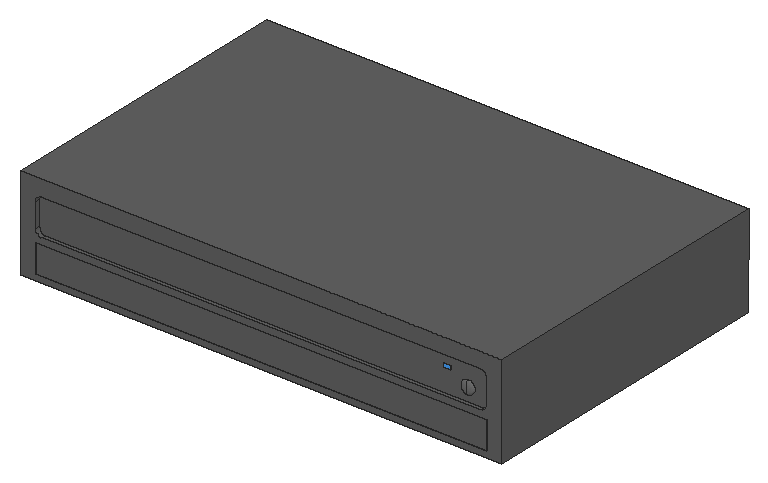
Revit family "Network IO Expander-Audio-Q-SYS-QIO-FLEX4A pu", category Communication Devices, host Face, Revit 2022
Family settings
  Host = Face
  Round Connector Dimension = Use Diameter
  Part Type = Normal
  OmniClass Number = 23.85.10.17.11
  OmniClass Title = Audio-Visual System Components
  Cut with Voids When Loaded = No
  Maintain Annotation Orientation = No
  Shared = No
  Room Calculation Point = No
Parameters (values of type "FLEX4A")
  Width = 219.1 mm
  Weight Product = 2.3
  Weight Dimensional = 2.3
  Weight = 2.30 lbm
  Voltage = 24 V
  URL = "https://www.qsys.com/"
  Type Comments = "FLEX4A"
  Product Page URL = "https://www.qsys.com/products/q-sys/control-io-controllers/qio-series/qio-flex4a/?L=0"
  Product Documentation Link = "https://www.qsys.com/resource-files/productresources/dn/qio_series/flex4a/q_dn_qio_flex4a_specsheet.pdf"
  Power Factor = 0.9
  Part Number = ""
  Number of Poles = 2
  Model = "FLEX4A"
  Minimum Circuit Amps = 3.7 A
  Manufacturer URL = "https://www.qsys.com/"
  Manufacturer = "Q-SYS"
  Load Classification = Other
  Length 6 = 2.0 mm
  Length 5 = 11.0 mm
  Length 4 = 0.5 mm
  Length 3 = 7.0 mm
  Length 2 = 11.0 mm
  Length 1 = 3.0 mm
  LED Material = Plastic - Q-SYS - LED Blue
  IQ Category = "Network IO Expander"  # constant formula
  Highlight Material = Plastic - Q-SYS - Black
  Height = 42.4 mm
  Grille Material = Paint - Q-SYS - Black Mesh 2
  Frame Depth = 2.0 mm
  Description = "Surface mounted audio and control IO expander for Q-SYS platform."
  Depth = 140.0 mm
  Default Elevation = 1219.2 mm
  Body Width = Width  # 219.1 mm
  Body Offset = 0.0 mm
  Body Material = Paint - Q-SYS - Black
  Apparent Load = Voltage * Minimum Circuit Amps / Power Factor  # 98.6667 VA
Reference planes
  plane 1 "Center (Front/Back)": y = 0
  plane 2: z = 0
  plane 3 "Center (Left/Right)": x = 0
  plane 4 "Back": y = 70
  plane 5 "Front": y = -70
  plane 6 "Left": x = -109.55
  plane 7 "Right": x = 109.55
  plane 8 "body left": x = -109.55
  plane 9 "body right": x = 109.55
  plane 10 "Bottom": z = 0
  plane 11 "Top": z = 42.4
  plane 12 "body bottom": z = 0
  plane 13: z = 35.4
  plane 14: z = 18.4
  plane 15: x = -102.55
  plane 16: x = 102.55
  plane 17: y = -68
  plane 18: x = 92.55
  plane 19: z = 24.4
  plane 20: y = -66
Forms (mm)
  Extrusion 1, solid, detail levels coarse
    sketch origin (0, 0, 0) x (1, 0, 0) y (0, 1, 0)
      loop
        line (-109.55, 70) -> (-109.55, -70) -> (109.55, -70) -> (109.55, 70) -> (-109.55, 70)
    from 0 to 42.4
  Extrusion 2, solid, material "Paint - Q-SYS - Black" <- "Body Material", detail levels medium+fine
    sketch origin (0, 0, 42.4) x (-1, 0, 0) y (0, -1, 0)
      loop
        line (109.55, -70) -> (109.55, 70) -> (-109.55, 70) -> (-109.55, -70) -> (109.55, -70)
    from -42.4 to 0
  Extrusion 3, void
    sketch origin (0, -70, 0) x (-1, 0, 0) y (0, 0, 1)
      loop
        line (99.55, 35.4) -> (-99.55, 35.4)
        arc (-99.55, 35.4) -> (-101.671, 34.521) -> (-102.55, 32.4) r 3
        line (-102.55, 32.4) -> (-102.55, 21.4)
        arc (-102.55, 21.4) -> (-101.671, 19.279) -> (-99.55, 18.4) r 3
        line (-99.55, 18.4) -> (99.55, 18.4)
        arc (99.55, 18.4) -> (101.671, 19.279) -> (102.55, 21.4) r 3
        line (102.55, 21.4) -> (102.55, 32.4)
        arc (102.55, 32.4) -> (101.671, 34.521) -> (99.55, 35.4) r 3
    from 0 to 2
  Extrusion 4, void
    sketch origin (0, -70, 0) x (-1, 0, 0) y (0, 0, 1)
      loop
        line (-102.55, 15.4) -> (-102.55, 3) -> (102.55, 3) -> (102.55, 15.4) -> (-102.55, 15.4)
    from 2 to 0
  Extrusion 5, solid, material "Paint - Q-SYS - Black Mesh 2" <- "Grille Material", detail levels medium+fine
    sketch origin (0, -70, 0) x (-1, 0, 0) y (0, 0, 1)
      loop
        line (-102.55, 15.4) -> (-102.55, 3) -> (102.55, 3) -> (102.55, 15.4) -> (-102.55, 15.4)
    from 2 to 0
  Revolve 6, solid, material "Plastic - Q-SYS - Black" <- "Highlight Material", detail levels fine
    sketch origin (92.55, -4572, 54.072) x (0, 0, 1) y (0, -1, 0)
      loop
        line (-29.672, -4504) -> (-26.63, -4504)
        spline (-26.63, -4504) -> (-26.656, -4503.869) -> (-26.733, -4503.741) -> (-26.861, -4503.617) -> (-27.037, -4503.5) -> (-27.258, -4503.391) -> (-27.521, -4503.293) -> (-27.82, -4503.207) -> (-28.151, -4503.134) -> (-28.507, -4503.076) -> (-28.884, -4503.034) -> (-29.275, -4503.009) -> (-29.672, -4503)
        line (-29.672, -4503) -> (-29.672, -4504)
      axis (-29.672, -4504) -> (-29.672, -4503)
    angle from 0 to 360
  Extrusion 7, solid, material "Plastic - Q-SYS - LED Blue" <- "LED Material", detail levels fine
    sketch origin (-210.176, -66, 1219.2) x (-1, 0, 0) y (0, 0, 1)
      loop
        line (-291.594, -1188.705) -> (-294.842, -1188.705) -> (-294.842, -1190.329) -> (-291.594, -1190.329) -> (-291.594, -1188.705)
    from 0 to -2.2
  Extrusion 8, solid, material "Paint - Q-SYS - Black" <- "Body Material", detail levels medium+fine
    sketch origin (0, 70, 0) x (-1, 0, 0) y (0, 0, 1)
      loop
        line (-102.55, 14) -> (-102.55, 7) -> (-91.55, 7) -> (-91.55, 14) -> (-102.55, 14)
      loop
        line (-80.05, 7) -> (-80.05, 14) -> (-91.05, 14) -> (-91.05, 7) -> (-80.05, 7)
      loop
        line (-79.55, 14) -> (-79.55, 7) -> (-68.55, 7) -> (-68.55, 14) -> (-79.55, 14)
      loop
        line (-57.05, 7) -> (-57.05, 14) -> (-68.05, 14) -> (-68.05, 7) -> (-57.05, 7)
      loop
        line (-44.05, 14) -> (-44.05, 7) -> (-42.05, 7) -> (-42.05, 14) -> (-44.05, 14)
      loop
        line (16.2, 14) -> (16.2, 7) -> (23.2, 7) -> (23.2, 14) -> (16.2, 14)
      loop
        line (45.7, 14) -> (45.7, 7) -> (59.2, 7) -> (59.2, 14) -> (45.7, 14)
      loop
        line (-41.55, 14) -> (-41.55, 7) -> (-39.55, 7) -> (-39.55, 14) -> (-41.55, 14)
      loop
        line (-39.05, 14) -> (-39.05, 7) -> (-37.05, 7) -> (-37.05, 14) -> (-39.05, 14)
      loop
        line (-36.55, 14) -> (-36.55, 7) -> (-34.55, 7) -> (-34.55, 14) -> (-36.55, 14)
      loop
        line (-34.05, 14) -> (-34.05, 7) -> (-32.05, 7) -> (-32.05, 14) -> (-34.05, 14)
      loop
        line (-31.55, 14) -> (-31.55, 7) -> (-29.55, 7) -> (-29.55, 14) -> (-31.55, 14)
      loop
        line (-29.05, 14) -> (-29.05, 7) -> (-27.05, 7) -> (-27.05, 14) -> (-29.05, 14)
      loop
        line (-26.55, 14) -> (-26.55, 7) -> (-24.55, 7) -> (-24.55, 14) -> (-26.55, 14)
      loop
        line (-24.05, 14) -> (-24.05, 7) -> (-22.05, 7) -> (-22.05, 14) -> (-24.05, 14)
      loop
        line (-21.55, 14) -> (-21.55, 7) -> (-19.55, 7) -> (-19.55, 14) -> (-21.55, 14)
      loop
        line (-19.05, 14) -> (-19.05, 7) -> (-17.05, 7) -> (-17.05, 14) -> (-19.05, 14)
      loop
        line (-16.55, 14) -> (-16.55, 7) -> (-14.55, 7) -> (-14.55, 14) -> (-16.55, 14)
      loop
        line (23.7, 14) -> (23.7, 7) -> (30.7, 7) -> (30.7, 14) -> (23.7, 14)
    from 0 to -1
Cuts and joins
  Extrusion 3, Extrusion 4 cuts Extrusion 2
Lines and regions (mm)
  Masking region 1, detail levels coarse
    outline origin (0, 0, 0) x (1, 0, 0) y (0, 1, 0)
      loop
        line (-109.55, 70) -> (-109.55, -70) -> (109.55, -70) -> (109.55, 70) -> (-109.55, 70)
  Masking region 2, detail levels coarse
    outline origin (0, 0, 0) x (1, 0, 0) y (0, 0, 1)
      loop
        line (109.55, 42.4) -> (-109.55, 42.4) -> (-109.55, 0) -> (109.55, 0) -> (109.55, 42.4)
  Masking region 3, detail levels medium+fine
    outline origin (0, 0, 0) x (1, 0, 0) y (0, 0, 1)
      loop
        line (109.55, 42.4) -> (-109.55, 42.4) -> (-109.55, 0) -> (109.55, 0) -> (109.55, 42.4)
  Masking region 4, detail levels coarse
    outline origin (0, 0, 0) x (0, 1, 0) y (0, 0, 1)
      loop
        line (-70, 42.4) -> (-70, 0) -> (70, 0) -> (70, 42.4) -> (-70, 42.4)
  Masking region 5, detail levels medium+fine
    outline origin (0, 0, 0) x (0, 1, 0) y (0, 0, 1)
      loop
        line (-70, 42.4) -> (-70, 0) -> (70, 0) -> (70, 42.4) -> (-70, 42.4)
  Masking region 6, detail levels medium+fine
    outline origin (0, 0, 42.4) x (-1, 0, 0) y (0, -1, 0)
      loop
        line (-109.55, -70) -> (109.55, -70) -> (109.55, 70) -> (-109.55, 70) -> (-109.55, -70)
  symbolic lines, style "Detail", detail levels fine
    curve 1: circle (92.55, -70, 24.4) r 3.042 normal (0, 1, 0)
    curve 10: line (84.665, -70, 28.871) -> (84.665, -70, 30.495)
    curve 11: line (84.665, -70, 30.495) -> (81.417, -70, 30.495)
    curve 12: line (81.417, -70, 30.495) -> (81.417, -70, 28.871)
    curve 13: line (81.417, -70, 28.871) -> (84.665, -70, 28.871)
  symbolic lines, style "Outline", detail levels medium+fine
    curve 2: line (-99.55, -70, 35.4) -> (99.55, -70, 35.4)
    curve 3: arc (99.55, -70, 35.4) -> (101.671, -70, 34.521) -> (102.55, -70, 32.4) r 3
    curve 4: line (102.55, -70, 32.4) -> (102.55, -70, 21.4)
    curve 5: arc (102.55, -70, 21.4) -> (101.671, -70, 19.279) -> (99.55, -70, 18.4) r 3
    curve 6: line (99.55, -70, 18.4) -> (-99.55, -70, 18.4)
    curve 7: arc (-99.55, -70, 18.4) -> (-101.671, -70, 19.279) -> (-102.55, -70, 21.4) r 3
    curve 8: line (-102.55, -70, 21.4) -> (-102.55, -70, 32.4)
    curve 9: arc (-102.55, -70, 32.4) -> (-101.671, -70, 34.521) -> (-99.55, -70, 35.4) r 3
Dimensions and locks
  equal spacing: plane 4 "Back", plane 1 "Center (Front/Back)", plane 5 "Front"
  "Depth": plane 4 "Back" to plane 5 "Front"
  equal spacing: plane 6 "Left", plane 3 "Center (Left/Right)", plane 7 "Right"
  "Width": plane 6 "Left" to plane 7 "Right"
  "Height": plane 11 "Top" to plane 12 "body bottom"
  "Body Offset": plane 12 "body bottom" to plane 10 "Bottom"
  equal spacing: plane 8 "body left", plane 3 "Center (Left/Right)", plane 9 "body right"
  "Body Width": plane 8 "body left" to plane 9 "body right"
  locked: plane 13 to plane 14 at 17
  locked: plane 11 "Top" to plane 13 at 7
  locked: plane 9 "body right" to plane 16 at 7
  locked: plane 15 to plane 8 "body left" at 7
  "Frame Depth": plane 17 to plane 5 "Front"
  locked: plane 19 to plane 14 at 6
  "Frame Depth": plane 20 to plane 17
  plane 16 to plane 18 = 10.0 mm
  "Length 1": Extrusion 4 sketch curve to plane 12 "body bottom"
  "Length 1": plane 14 to Extrusion 4 sketch curve
  "Length 3": Extrusion 8 sketch curve to Extrusion 8 sketch curve  (x3)
  locked: plane 12 "body bottom" to Extrusion 8 sketch curve at 7
  "Length 2": Extrusion 8 sketch curve to Extrusion 8 sketch curve
  "Length 4": Extrusion 8 sketch curve to Extrusion 8 sketch curve  (x15)
  "Length 6": Extrusion 8 sketch curve to Extrusion 8 sketch curve
  "Length 1": radius of Extrusion 3 sketch curve  (x4)
  aligned and locked: plane 2 to host face
  aligned and locked: level to host face
  aligned and locked: plane 6 "Left" to Extrusion 1 sketch curve
  aligned and locked: Extrusion 1 sketch curve to plane 4 "Back"
  aligned and locked: Extrusion 1 sketch curve to plane 7 "Right"
  aligned and locked: plane 5 "Front" to Extrusion 1 sketch curve
  aligned and locked: level to plane 10 "Bottom"
  aligned and locked: plane 6 "Left" to Masking region 1 sketch curve
  aligned and locked: Masking region 1 sketch curve to plane 7 "Right"
  aligned and locked: Masking region 1 sketch curve to plane 4 "Back"
  aligned and locked: plane 5 "Front" to Masking region 1 sketch curve
  aligned and locked: Masking region 2 sketch curve to Extrusion 1  (x4)
  aligned and locked: Extrusion 1 to plane 10 "Bottom"
  aligned and locked: plane 11 "Top" to Extrusion 1
  aligned and locked: Masking region 4 sketch curve to Extrusion 1  (x4)
  aligned and locked: Extrusion 2 sketch curve to plane 9 "body right"
  aligned and locked: plane 5 "Front" to Extrusion 2 sketch curve
  aligned and locked: plane 8 "body left" to Extrusion 2 sketch curve
  aligned and locked: Extrusion 2 sketch curve to plane 4 "Back"
  aligned and locked: Extrusion 2 to plane 12 "body bottom"
  aligned and locked: plane 11 "Top" to Extrusion 2
  aligned and locked: plane 15 to Extrusion 3 sketch curve
  aligned and locked: Extrusion 3 sketch curve to plane 16
  aligned and locked: plane 17 to Extrusion 3
  aligned and locked: Extrusion 3 to plane 5 "Front"
  aligned and locked: Extrusion 4 to plane 17
  aligned and locked: cut or joined group of Extrusion 2, Extrusion 3, Extrusion 4 to Extrusion 5 sketch curve  (x2)
  aligned and locked: Extrusion 5 sketch curve to cut or joined group of Extrusion 2, Extrusion 3, Extrusion 4  (x2)
  aligned and locked: Extrusion 5 to plane 17
  aligned and locked: Revolve 6 sketch curve to plane 19
  aligned and locked: Masking region 6 sketch curve to cut or joined group of Extrusion 2, Extrusion 3, Extrusion 4  (x4)
  aligned and locked: curve 1 to Revolve 6
  aligned and locked: curve 3 to cut or joined group of Extrusion 2, Extrusion 3, Extrusion 4
  aligned and locked: curve 5 to cut or joined group of Extrusion 2, Extrusion 3, Extrusion 4
  aligned and locked: curve 7 to cut or joined group of Extrusion 2, Extrusion 3, Extrusion 4
  aligned and locked: curve 9 to cut or joined group of Extrusion 2, Extrusion 3, Extrusion 4
  aligned and locked: plane 16 to Extrusion 4 sketch curve
  aligned and locked: Extrusion 4 sketch curve to plane 15
  aligned and locked: Extrusion 8 sketch curve to Extrusion 8 sketch curve  (x4)
  aligned and locked: curve 10 to Extrusion 7
  aligned and locked: curve 11 to Extrusion 7
  aligned and locked: curve 12 to Extrusion 7
  aligned and locked: curve 13 to Extrusion 7
Automatic sketch dimensions
  host sketch curve to host sketch curve = 2438.4 mm  (x2)
  plane 19 to Extrusion 7 sketch curve = 4.471 mm
  Extrusion 7 sketch curve to Extrusion 7 sketch curve = 1.624 mm
  Extrusion 7 sketch curve to plane 16 = 17.885 mm
  Extrusion 7 sketch curve to Extrusion 7 sketch curve = 3.248 mm
  Masking region 3 sketch curve to plane 6 "Left" = 0.0 mm
  Masking region 3 sketch curve to level = 0.0 mm
  Masking region 3 sketch curve to plane 7 "Right" = 0.0 mm
  Masking region 3 sketch curve to plane 11 "Top" = 0.0 mm
  Masking region 5 sketch curve to plane 5 "Front" = 0.0 mm
  Masking region 5 sketch curve to level = 0.0 mm
  Masking region 5 sketch curve to plane 4 "Back" = 0.0 mm
  Masking region 5 sketch curve to plane 11 "Top" = 0.0 mm
  Revolve 6 sketch curve to plane 17 = 0.0 mm
  Revolve 6 sketch curve to plane 19 = 0.0 mm  (x2)
  Revolve 6 sketch curve to Revolve 6 sketch curve = 3.042 mm
  Revolve 6 sketch curve to Revolve 6 sketch curve = 1.0 mm
  plane 20 to Revolve 6 sketch curve = 22.85 mm
  Revolve 6 sketch curve to plane 5 "Front" = 26.848 mm
  Extrusion 3 sketch curve to plane 14 = 0.0 mm
  Extrusion 3 sketch curve to plane 13 = 0.0 mm
  Extrusion 8 sketch curve to plane 16 = 0.0 mm
  Extrusion 8 sketch curve to plane 14 = 4.4 mm  (x5)
  Extrusion 8 sketch curve to Extrusion 8 sketch curve = 11.0 mm  (x3)
  Extrusion 8 sketch curve to Extrusion 8 sketch curve = 13.0 mm
  Extrusion 8 sketch curve to Extrusion 8 sketch curve = 2.0 mm  (x11)
  level to Extrusion 8 sketch curve = 7.0 mm  (x5)
  Extrusion 8 sketch curve to plane 3 "Center (Left/Right)" = 16.2 mm
  Extrusion 8 sketch curve to Extrusion 8 sketch curve = 15.0 mm
  Extrusion 8 sketch curve to Extrusion 8 sketch curve = 13.5 mm
  Extrusion 8 sketch curve to Extrusion 8 sketch curve = 0.0 mm  (x22)
Connectors
  electrical at (0, 70, 21.2), driven by "Number of Poles", driven by "Load Classification", driven by "Voltage", driven by "Apparent Load", driven by "Power Factor"
    settings: on cut or joined group of Extrusion 2, Extrusion 3, Extrusion 4, index 1, voltage 24 V, apparent load 98.6667 VA, apparent load phase1 0 VA, apparent load phase2 0 VA, apparent load phase3 0 VA, power factor 0.9, load classification "Other", number of poles 2, system type 30, power factor state 1, is connector primary yes, connector utility no, sub classification motor no, connector description "Power"
  electrical at (0, 70, 21.2)
    settings: on cut or joined group of Extrusion 2, Extrusion 3, Extrusion 4, index 2, voltage 0 V, apparent load 0 VA, apparent load phase1 0 VA, apparent load phase2 0 VA, apparent load phase3 0 VA, power factor 1, load classification "Other", number of poles 1, system type 5, power factor state 1, is connector primary no, connector utility no, sub classification motor no, connector description "Ethernet Network"
  electrical at (97.05, 70, 10.5)
    settings: on Extrusion 8, index 4, voltage 0 V, apparent load 0 VA, apparent load phase1 0 VA, apparent load phase2 0 VA, apparent load phase3 0 VA, power factor 1, load classification "Other", number of poles 1, system type 14, power factor state 1, is connector primary no, connector utility no, sub classification motor no, connector description "FLEX 1"
  electrical at (85.55, 70, 10.5)
    settings: on Extrusion 8, index 5, voltage 0 V, apparent load 0 VA, apparent load phase1 0 VA, apparent load phase2 0 VA, apparent load phase3 0 VA, power factor 1, load classification "Other", number of poles 1, system type 14, power factor state 1, is connector primary no, connector utility no, sub classification motor no, connector description "FLEX 2"
  electrical at (74.05, 70, 10.5)
    settings: on Extrusion 8, index 6, voltage 0 V, apparent load 0 VA, apparent load phase1 0 VA, apparent load phase2 0 VA, apparent load phase3 0 VA, power factor 1, load classification "Other", number of poles 1, system type 14, power factor state 1, is connector primary no, connector utility no, sub classification motor no, connector description "FLEX 3"
  electrical at (62.55, 70, 10.5)
    settings: on Extrusion 8, index 7, voltage 0 V, apparent load 0 VA, apparent load phase1 0 VA, apparent load phase2 0 VA, apparent load phase3 0 VA, power factor 1, load classification "Other", number of poles 1, system type 14, power factor state 1, is connector primary no, connector utility no, sub classification motor no, connector description "FLEX 4"
  electrical at (43.05, 70, 10.5)
    settings: on Extrusion 8, index 11, voltage 0 V, apparent load 0 VA, apparent load phase1 0 VA, apparent load phase2 0 VA, apparent load phase3 0 VA, power factor 1, load classification "Other", number of poles 1, system type 14, power factor state 1, is connector primary no, connector utility no, sub classification motor no, connector description "GPIO Input 1"
  electrical at (40.55, 70, 10.5)
    settings: on Extrusion 8, index 12, voltage 0 V, apparent load 0 VA, apparent load phase1 0 VA, apparent load phase2 0 VA, apparent load phase3 0 VA, power factor 1, load classification "Other", number of poles 1, system type 14, power factor state 1, is connector primary no, connector utility no, sub classification motor no, connector description "GPIO Input 2"
  electrical at (38.05, 70, 10.5)
    settings: on Extrusion 8, index 13, voltage 0 V, apparent load 0 VA, apparent load phase1 0 VA, apparent load phase2 0 VA, apparent load phase3 0 VA, power factor 1, load classification "Other", number of poles 1, system type 14, power factor state 1, is connector primary no, connector utility no, sub classification motor no, connector description "GPIO Input 3"
  electrical at (35.55, 70, 10.5)
    settings: on Extrusion 8, index 14, voltage 0 V, apparent load 0 VA, apparent load phase1 0 VA, apparent load phase2 0 VA, apparent load phase3 0 VA, power factor 1, load classification "Other", number of poles 1, system type 14, power factor state 1, is connector primary no, connector utility no, sub classification motor no, connector description "GPIO Input 4"
  electrical at (33.05, 70, 10.5)
    settings: on Extrusion 8, index 15, voltage 0 V, apparent load 0 VA, apparent load phase1 0 VA, apparent load phase2 0 VA, apparent load phase3 0 VA, power factor 1, load classification "Other", number of poles 1, system type 14, power factor state 1, is connector primary no, connector utility no, sub classification motor no, connector description "GPIO Output 1"
  electrical at (30.55, 70, 10.5)
    settings: on Extrusion 8, index 16, voltage 0 V, apparent load 0 VA, apparent load phase1 0 VA, apparent load phase2 0 VA, apparent load phase3 0 VA, power factor 1, load classification "Other", number of poles 1, system type 14, power factor state 1, is connector primary no, connector utility no, sub classification motor no, connector description "GPIO Output 2"
  electrical at (28.05, 70, 10.5)
    settings: on Extrusion 8, index 17, voltage 0 V, apparent load 0 VA, apparent load phase1 0 VA, apparent load phase2 0 VA, apparent load phase3 0 VA, power factor 1, load classification "Other", number of poles 1, system type 14, power factor state 1, is connector primary no, connector utility no, sub classification motor no, connector description "GPIO Output 3"
  electrical at (25.55, 70, 10.5)
    settings: on Extrusion 8, index 18, voltage 0 V, apparent load 0 VA, apparent load phase1 0 VA, apparent load phase2 0 VA, apparent load phase3 0 VA, power factor 1, load classification "Other", number of poles 1, system type 14, power factor state 1, is connector primary no, connector utility no, sub classification motor no, connector description "GPIO Output 4"
  electrical at (23.05, 70, 10.5)
    settings: on Extrusion 8, index 19, voltage 0 V, apparent load 0 VA, apparent load phase1 0 VA, apparent load phase2 0 VA, apparent load phase3 0 VA, power factor 1, load classification "Other", number of poles 1, system type 14, power factor state 1, is connector primary no, connector utility no, sub classification motor no, connector description "GPIO Output 5"
  electrical at (20.55, 70, 10.5)
    settings: on Extrusion 8, index 20, voltage 0 V, apparent load 0 VA, apparent load phase1 0 VA, apparent load phase2 0 VA, apparent load phase3 0 VA, power factor 1, load classification "Other", number of poles 1, system type 14, power factor state 1, is connector primary no, connector utility no, sub classification motor no, connector description "GPIO Output 6"
  electrical at (18.05, 70, 10.5)
    settings: on Extrusion 8, index 21, voltage 0 V, apparent load 0 VA, apparent load phase1 0 VA, apparent load phase2 0 VA, apparent load phase3 0 VA, power factor 1, load classification "Other", number of poles 1, system type 14, power factor state 1, is connector primary no, connector utility no, sub classification motor no, connector description "GPIO Output 7"
  electrical at (15.55, 70, 10.5)
    settings: on Extrusion 8, index 22, voltage 0 V, apparent load 0 VA, apparent load phase1 0 VA, apparent load phase2 0 VA, apparent load phase3 0 VA, power factor 1, load classification "Other", number of poles 1, system type 14, power factor state 1, is connector primary no, connector utility no, sub classification motor no, connector description "GPIO Output 8"
  electrical at (-19.7, 70, 10.5)
    settings: on Extrusion 8, index 23, voltage 0 V, apparent load 0 VA, apparent load phase1 0 VA, apparent load phase2 0 VA, apparent load phase3 0 VA, power factor 1, load classification "Other", number of poles 1, system type 14, power factor state 1, is connector primary no, connector utility no, sub classification motor no, connector description "AMP Out 1"
  electrical at (-27.2, 70, 10.5)
    settings: on Extrusion 8, index 24, voltage 0 V, apparent load 0 VA, apparent load phase1 0 VA, apparent load phase2 0 VA, apparent load phase3 0 VA, power factor 1, load classification "Other", number of poles 1, system type 14, power factor state 1, is connector primary no, connector utility no, sub classification motor no, connector description "AMP Out 2"
  electrical at (-52.45, 70, 10.5)
    settings: on Extrusion 8, index 25, voltage 0 V, apparent load 0 VA, apparent load phase1 0 VA, apparent load phase2 0 VA, apparent load phase3 0 VA, power factor 1, load classification "Other", number of poles 1, system type 14, power factor state 1, is connector primary no, connector utility no, sub classification motor no, connector description "RS 232"
